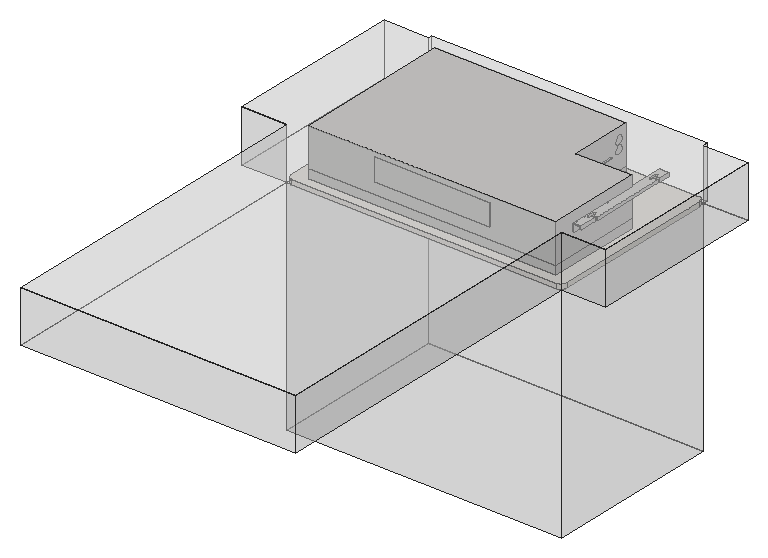
Revit family "outputfile", category 機械設備, Revit 2024
Family settings
  丸型コネクタ寸法 = 半径を使用
  パーツ タイプ = 標準
  OmniClass 番号 = 23.75.10.24.21.27.27
  OmniClass タイトル = Split System Air Conditioning Units
  作業面ベース = いいえ
  常に垂直 = はい
  ロード時にボイドで切り取り = いいえ
  注釈の向きを維持 = いいえ
  共有 = いいえ
  部屋計算ポイント = はい
Parameters (values of type "FXKQ32MAVE4")
  Description = ""
  製造元 = "Daikin"
  書き出し IFC クラス(タイプ) = "IfcUnitaryEquipmentType"
  定義済み IFC タイプ(タイプ) = "AIRCONDITIONINGUNIT"
  Cost = 0
  モデル = "FXKQ32MAVE4"
  Type Comments = ""
  Keynote = ""
  Type Image = (empty or 0)
  Assembly Code = ""
  w_mountinghole = if(Width = 1240.0 mm, 1150.0 mm, 1350.0 mm)  # 1150.0 mm
  w_casing = if(Width = 1240.0 mm, 1110.0 mm, 1310.0 mm)  # 1110.0 mm
  w_block = if(Width = 1240.0 mm, 520.0 mm, 720.0 mm)  # 520.0 mm
  r_OAduct = OA Duct Size Diameter / 2  # 37.5 mm
  r_Liquid Pipe Size = Liquid Pipe Size / 2  # 3.2 mm
  r_Gas Pipe Size = Gas Pipe Size / 2  # 6.35 mm
  r_Drain Pipe Size = Drain Pipe Size / 2  # 12.5 mm
  lw_powersuply = (Width - 130.0 mm) / 2 - 250.0 mm  # 305.0 mm
  lw_gaspipe = 148.0 mm  # constant formula
  lw_drainpipe = 67.0 mm  # constant formula
  lw_liquidpipe = 215.0 mm  # constant formula
  lw_OA = w_casing / 2  # 555.0 mm
  lh_powersuply = 165.0 mm  # constant formula
  lh_liquidpipe = 140.0 mm  # constant formula
  lh_gaspipe = 140.0 mm  # constant formula
  lh_drainpipe = 170.0 mm  # constant formula
  lh_OA = 65.0 mm  # constant formula
  ld_powersuply = 314.0 mm  # constant formula
  ld_liquidpipe = 230.0 mm  # constant formula
  ld_gaspipe = 165.0 mm  # constant formula
  ld_drainpipe = 122.0 mm  # constant formula
  ld_OA = 60.0 mm  # constant formula
  h_mountinghole = 170.0 mm  # constant formula
  h_casing = 215.0 mm  # constant formula
  h_antenna = h_casing - h_mountinghole + 1.0 mm  # 46.0 mm
  d_mountinghole = 350.0 mm  # constant formula
  d_casing = 710.0 mm  # constant formula
  Width = 1240.0 mm
  Voltage_comment_60Hz = "220"
  Voltage_comment_50Hz = "220-240"
  Voltage_60Hz = 220 V
  Voltage_50Hz = 220 V
  Version = "ver.1.0"
  Unit Type = "Single Flow Cassette Type"
  Unit Mass Weight = 31.00 kg
  Unit Designation [instance] = ""
  Uniclass2015Version = "Products v1.30"
  Uniclass2015Title = "Variable refrigerant flow units"
  Uniclass2015Code = "Pr_70_65_03_94"
  URL = ""
  Total Heating Capacity [instance] = 0.000 kW
  Total Cooling Capacity [instance] = 0.000 kW
  Sound Pressure Level_M speed (dBA) = 0
  Sound Pressure Level_L speed (dBA) = 34
  Sound Pressure Level_H speed (dBA) = 39
  Series = "VRV Fan Coil Unit"
  Sensible Cooling Capacity [instance] = 0.000 kW
  Refrigerant Type = "R410A"
  Power Input (Heating) = 0.046 kW
  Power Input (Cooling) = 0.066 kW
  Phase_60Hz = 1
  Phase_50Hz = 1
  Option Accessory 3 [instance] = ""
  Option Accessory 2 [instance] = ""
  Option Accessory 1 [instance] = ""
  OA Duct Size Diameter = 75.0 mm
  Nominal Heating Capacity = 4.000 kW
  Nominal Cooling Capacity = 3.600 kW
  Minimum Circuit Amps_60Hz = 0.4 A
  Minimum Circuit Amps_50Hz = 0.3 A
  Minimum Airflow = 540.00 m³/h
  Median Airflow = 0.00 m³/h
  Maximum Fuse Amps_60Hz = 15.0 A
  Maximum Fuse Amps_50Hz = 15.0 A
  Maximum Airflow = 660.00 m³/h
  Material_Casing = DAIKIN_GalvanizedSteel_Casing_indoorunit
  Load Classification = HVAC
  Liquid Pipe Size = 6.4 mm
  Link_Nested Family [instance] = ""
  IfcVersion = "0"
  IfcExportType = "AIRCONDITIONINGUNIT"
  IfcExportAs = "IfcUnitaryEquipmentType"
  Height = 235.0 mm
  Heating Entering Wet Bulb Temperature [instance] = 0.00 °C
  Heating Entering Dry Bulb Temperature [instance] = 0.00 °C
  Heating Ambient Wet Bulb Temperature [instance] = 0.00 °C
  Heating Ambient Dry Bulb Temperature [instance] = 0.00 °C
  Heat Exchanger Type = "Cross Fin Coil"
  Gas Pipe Size = 12.7 mm
  Frequency_60Hz = 60 Hz
  Frequency_50Hz = 50 Hz
  Fan Type = "Sirocco Fan"
  Fan Drive = "Direct Drive"
  FCU Tag No. [instance] = ""
  Drain Pipe Size = 25.0 mm
  Design Supply Airflow [instance] = 0.00 m³/h
  Design Outdoor Airflow [instance] = 0.00 m³/h
  Depth = 800.0 mm
  既定の高さ = 0.0 mm
  Cooling Entering Wet Bulb Temperature [instance] = 0.00 °C
  Cooling Entering Dry Bulb Temperature [instance] = 0.00 °C
  Cooling Ambient Wet Bulb Temperature [instance] = 0.00 °C
  Cooling Ambient Dry Bulb Temperature [instance] = 0.00 °C
  Clearance visibility [instance] = yes
  Clearance Top = 0.0 mm
  Clearance Right = 200.0 mm
  Clearance Rear = 20.0 mm
  Clearance Left = 200.0 mm
  Clearance Front = 1500.0 mm
  Clearance Bottom = 1000.0 mm
Reference planes
  plane 1 "Center (Front/Back)": y = 0
  plane 2 "ceiling plane": z = 0
  plane 3 "Center (Left/Right)": x = 0
  plane 4 "Back": y = 400
  plane 5 "Front": y = -400
  plane 6 "Left": x = -620
  plane 7 "Right": x = 620
  plane 8 "Top": z = 215
  plane 9 "Bottom": z = -20
  plane 10: x = -555
  plane 11: x = 555
  plane 12: y = 355
  plane 13: y = -355
  plane 14: x = 305
  plane 15: y = 75
  plane 16: y = 175
  plane 17: y = -175
  plane 18: x = -575
  plane 19: x = 575
  plane 20: z = 140
  plane 21: x = 340
  plane 22: y = 230
  plane 23: z = 140
  plane 24: x = 407
  plane 25: y = 165
  plane 26: z = 170
  plane 27: x = 488
  plane 28: y = 122
  plane 29: z = 140
  plane 30: x = -260
  plane 31: x = 260
  plane 32: y = 314
  plane 33: z = 165
  plane 34: x = 340
  plane 35: x = 407
  plane 36: x = 488
  plane 37 "Clearance Rear": y = 420
  plane 38 "Clearance Front": y = -1900
  plane 39 "Clearance Left": x = -820
  plane 40 "Clearance Right": x = 820
  plane 41 "Clearance Top": z = 215
  plane 42 "Clearance Bottom": z = -1020
  plane 43: y = 314
  plane 44: y = 295
  plane 45: z = 150
  plane 46: y = -298
  plane 47: x = -526.5
Forms (mm)
  Extrusion 1, solid, material "DAIKIN_GalvanizedSteel_Casing_indoorunit" <- "Material_Casing"
    sketch origin (0, 0, 0) x (1, 0, 0) y (0, 1, 0)
      loop
        line (-555, 355) -> (-555, -355) -> (555, -355) -> (555, 75) -> (305, 75) -> (305, 355) -> (-555, 355)
    from 38 to 215
  Extrusion 2, solid
    sketch origin (0, 0, 0) x (1, 0, 0) y (0, 0, 1)
      loop
        circle (340, 140) r 3.2
    from 0 to -230
  Extrusion 3, solid
    sketch origin (0, 0, 0) x (1, 0, 0) y (0, 0, 1)
      loop
        circle (407, 140) r 6.35
    from 0 to -165
  Extrusion 4, solid
    sketch origin (0, 0, 0) x (1, 0, 0) y (0, 0, 1)
      loop
        circle (488, 170) r 12.5
    from 0 to -122
  Extrusion 5, solid, material "DAIKIN_GalvanizedSteel_Casing_indoorunit" <- "Material_Casing"
    sketch origin (-1374.64, -355, 1200) x (-1, 0, 0) y (0, 0, 1)
      loop
        line (-1114.64, -1010) -> (-1634.64, -1010) -> (-1634.64, -1110) -> (-1114.64, -1110) -> (-1114.64, -1010)
    from 0 to 5
  Extrusion 6, solid, material "DAIKIN_GalvanizedSteel_Casing_indoorunit" <- "Material_Casing"
    sketch origin (305, 75, 0) x (0, 1, 0) y (0, 0, 1)
      loop
        arc (74.992, 72.003) -> (85, 70) -> (95.008, 72.003) r 26
        line (95.008, 72.003) -> (117.626, 81.437)
        arc (117.626, 81.437) -> (127, 96) -> (117.626, 110.563) r 16
        line (117.626, 110.563) -> (95.008, 119.997)
        arc (95.008, 119.997) -> (85, 122) -> (74.992, 119.997) r 26
        line (74.992, 119.997) -> (52.374, 110.563)
        arc (52.374, 110.563) -> (43, 96) -> (52.374, 81.437) r 16
        line (52.374, 81.437) -> (74.992, 72.003)
      loop
        circle (85, 96) r 20
    from 0 to 5
  Extrusion 7, solid, material "DAIKIN_GalvanizedSteel_Casing_indoorunit" <- "Material_Casing"
    sketch origin (305, 75, 0) x (0, 1, 0) y (0, 0, 1)
      loop
        circle (85, 96) r 7
    from 0 to 18
  Extrusion 8, solid, material "DAIKIN_GalvanizedSteel_Casing_indoorunit" <- "Material_Casing"
    sketch origin (-555, 1296.25, 1200) x (0, 1, 0) y (0, 0, 1)
      loop
        circle (-1001.25, -1050) r 37.5
    from 0 to 5
  Extrusion 9, solid, material "DAIKIN_GalvanizedSteel_Casing_indoorunit" <- "Material_Casing"
    sketch origin (305, 75, 0) x (0, 1, 0) y (0, 0, 1)
      loop
        circle (239, 165) r 17
      loop
        circle (239, 125.153) r 17
    from 0 to -5
  Extrusion 10, solid, material "DAIKIN_GalvanizedSteel_Casing_indoorunit" <- "Material_Casing"
    sketch origin (-1374.64, 355, 1200) x (-1, 0, 0) y (0, 0, 1)
      loop
        circle (-850.64, -1087) r 20
    from 0 to -5
Dimensions and locks
  "Width": plane 6 "Left" to plane 7 "Right"
  "Depth": plane 4 "Back" to plane 5 "Front"
  "Height": plane 8 "Top" to plane 9 "Bottom"
  equal spacing: plane 12, plane 1 "Center (Front/Back)", plane 13
  "d_casing": plane 12 to plane 13
  locked: plane 6 "Left" to plane 10 at 65
  plane 11 to plane 7 "Right" = 65.0 mm
  equal spacing: plane 6 "Left", plane 3 "Center (Left/Right)", plane 7 "Right"
  "w_casing": plane 10 to plane 11
  locked: plane 14 to plane 11 at 250
  locked: plane 12 to plane 15 at 280
  "h_casing": plane 8 "Top" to level
  equal spacing: plane 16, plane 1 "Center (Front/Back)", plane 17
  "d_mountinghole": plane 16 to plane 17
  equal spacing: plane 18, plane 3 "Center (Left/Right)", plane 19
  "w_mountinghole": plane 18 to plane 19
  "lw_liquidpipe": plane 11 to plane 21
  "lh_liquidpipe": plane 20 to level
  "ld_liquidpipe": plane 1 "Center (Front/Back)" to plane 22
  "lh_gaspipe": plane 23 to level
  "lw_gaspipe": plane 11 to plane 24
  "ld_gaspipe": plane 1 "Center (Front/Back)" to plane 25
  "lh_drainpipe": plane 26 to level
  "lw_drainpipe": plane 11 to plane 27
  "ld_drainpipe": plane 1 "Center (Front/Back)" to plane 28
  locked: plane 29 to level at 140
  Extrusion 5 sketch curve to plane 29 to Extrusion 5 sketch curve = 50.0 mm locked, 50.0 mm locked
  equal spacing: plane 31, plane 3 "Center (Left/Right)", plane 30
  "w_block": plane 31 to plane 30
  locked: plane 1 "Center (Front/Back)" to Extrusion 6 sketch curve at 160
  locked: Extrusion 6 sketch curve to level at 96
  plane 1 "Center (Front/Back)" to Extrusion 7 sketch curve = 160.0 mm
  Extrusion 7 sketch curve to level = 96.0 mm
  locked: plane 12 to Extrusion 8 sketch curve at 60
  locked: plane 8 "Top" to Extrusion 8 sketch curve at 65
  locked: Extrusion 10 sketch curve to plane 10 at 31
  locked: plane 8 "Top" to Extrusion 10 sketch curve at 102
  "lh_powersuply": plane 33 to level
  "lw_drainpipe": plane 36 to plane 11
  "lw_gaspipe": plane 35 to plane 11
  "lw_liquidpipe": plane 34 to plane 11
  "lw_powersuply": plane 3 "Center (Left/Right)" to Extrusion 1
  "Clearance Left": plane 39 "Clearance Left" to plane 6 "Left"
  "Clearance Right": plane 7 "Right" to plane 40 "Clearance Right"
  "Clearance Front": plane 5 "Front" to plane 38 "Clearance Front"
  "Clearance Rear": plane 37 "Clearance Rear" to plane 4 "Back"
  "Clearance Top": plane 41 "Clearance Top" to plane 8 "Top"
  "Clearance Bottom": plane 9 "Bottom" to plane 42 "Clearance Bottom"
  "ld_powersuply": plane 43 to plane 1 "Center (Front/Back)"
  "ld_powersuply": plane 1 "Center (Front/Back)" to Extrusion 9 sketch curve
  "ld_OA": plane 12 to plane 44
  "lh_OA": plane 41 "Clearance Top" to plane 45
  locked: plane 46 to plane 13 at 57
  locked: plane 6 "Left" to plane 47 at 93.5
  "r_Liquid Pipe Size": radius of Extrusion 2 sketch curve
  "r_Gas Pipe Size": radius of Extrusion 3 sketch curve
  "r_Drain Pipe Size": radius of Extrusion 4 sketch curve
  aligned and locked: level to plane 2 "ceiling plane"
  aligned and locked: plane 6 "Left" to nested 1
  aligned and locked: plane 7 "Right" to nested 1
  aligned and locked: plane 4 "Back" to nested 1
  aligned and locked: plane 5 "Front" to nested 1
  aligned and locked: plane 9 "Bottom" to nested 1
  aligned and locked: Extrusion 1 sketch curve to plane 10
  aligned and locked: plane 12 to Extrusion 1 sketch curve
  aligned and locked: Extrusion 1 sketch curve to plane 13
  aligned and locked: plane 11 to Extrusion 1 sketch curve
  aligned and locked: Extrusion 1 sketch curve to plane 15
  aligned and locked: plane 14 to Extrusion 1 sketch curve
  aligned and locked: Extrusion 1 to nested 1
  aligned and locked: plane 8 "Top" to Extrusion 1
  aligned and locked: plane 11 to nested 2
  aligned and locked: plane 10 to nested 3
  aligned and locked: nested 7 to plane 16
  aligned and locked: plane 19 to nested 7
  aligned and locked: nested 6 to plane 17
  aligned and locked: plane 19 to nested 6
  aligned and locked: nested 4 to plane 16
  aligned and locked: plane 18 to nested 4
  aligned and locked: nested 5 to plane 17
  aligned and locked: plane 18 to nested 5
  aligned and locked: plane 20 to Extrusion 2 sketch curve
  aligned and locked: plane 21 to Extrusion 2 sketch curve
  aligned and locked: plane 22 to Extrusion 2
  aligned and locked: plane 23 to Extrusion 3 sketch curve
  aligned and locked: plane 24 to Extrusion 3 sketch curve
  aligned and locked: plane 25 to Extrusion 3
  aligned and locked: plane 26 to Extrusion 4 sketch curve
  aligned and locked: plane 27 to Extrusion 4 sketch curve
  aligned and locked: plane 28 to Extrusion 4
  aligned and locked: plane 30 to Extrusion 5 sketch curve
  aligned and locked: Extrusion 5 sketch curve to plane 31
  aligned and locked: plane 32 to Extrusion 9 sketch curve
  aligned and locked: plane 33 to Extrusion 9 sketch curve
  aligned and locked: nested 8 to plane 34
  aligned and locked: plane 22 to nested 8
  aligned and locked: nested 9 to plane 35
  aligned and locked: plane 25 to nested 9
  aligned and locked: nested 10 to plane 36
  aligned and locked: plane 28 to nested 10
  aligned and locked: Extrusion 1 to nested 11
  aligned and locked: plane 43 to nested 11
  aligned and locked: nested 12 to plane 44
  aligned and locked: nested 12 to plane 10
  aligned and locked: nested 12 to plane 45
  aligned and locked: plane 1 "Center (Front/Back)" to nested 14
  aligned and locked: nested 14 to plane 3 "Center (Left/Right)"
  aligned and locked: plane 41 "Clearance Top" to nested 14
  aligned and locked: nested 13 to plane 46
  aligned and locked: plane 47 to nested 13
Automatic sketch dimensions
  Extrusion 6 sketch curve to Extrusion 6 sketch curve = 0.0 mm  (x4)
  Extrusion 1 to Extrusion 6 sketch curve = 34.003 mm  (x2)
  Extrusion 6 sketch curve to Extrusion 6 sketch curve = 10.008 mm  (x2)
  Extrusion 6 sketch curve to Extrusion 6 sketch curve = 26.0 mm  (x2)
  Extrusion 6 sketch curve to Extrusion 6 sketch curve = 6.626 mm  (x4)
  Extrusion 6 sketch curve to Extrusion 6 sketch curve = 20.016 mm
  Extrusion 1 to Extrusion 6 sketch curve = 43.437 mm
  Extrusion 6 sketch curve to Extrusion 6 sketch curve = 9.433 mm  (x2)
  Extrusion 6 sketch curve to Extrusion 6 sketch curve = 14.563 mm  (x2)
  Extrusion 9 sketch curve to Extrusion 9 sketch curve = 39.847 mm
  radius of Extrusion 6 sketch curve = 20.0 mm
  radius of Extrusion 7 sketch curve = 7.0 mm
  radius of Extrusion 8 sketch curve = 37.5 mm
  radius of Extrusion 10 sketch curve = 20.0 mm
  radius of Extrusion 9 sketch curve = 17.0 mm  (x2)
Nested families
  nested 1: "daikin_round flow_panel" at (0, 0, 0), type "fresh white"
  nested 2: "daikin_hangerfixture_FXKQ-MAVE4" at (555, -12.527, 170) x (0, 1, 0) z (0, 0, 1), built-in parameter 1001364 <- "h_mountinghole", type "daikin_hangerfixture_FXKQ-MAVE4"
  nested 3: "daikin_hangerfixture_FXKQ-MAVE4" at (-555, -12.527, 170) x (0, 1, 0) z (0, 0, 1), built-in parameter 1001364 <- "h_mountinghole", type "daikin_hangerfixture_FXKQ-MAVE4"
  nested 4: "daikin_mountinghole" at (-575, 175, 0), l_antenna <- "h_antenna", Link_Nested Family <- "Link_Nested Family", h_mountinghole <- "h_mountinghole", type "daikin_mountinghole"
    with show yes, l_antenna 46.0 mm, h_mountinghole 170.0 mm, Link_Nested Family ""
  nested 5: "daikin_mountinghole" at (-575, -175, 0), l_antenna <- "h_antenna", Link_Nested Family <- "Link_Nested Family", h_mountinghole <- "h_mountinghole", type "daikin_mountinghole"
    with show yes, l_antenna 46.0 mm, h_mountinghole 170.0 mm, Link_Nested Family ""
  nested 6: "daikin_mountinghole" at (575, -175, 0), l_antenna <- "h_antenna", Link_Nested Family <- "Link_Nested Family", h_mountinghole <- "h_mountinghole", type "daikin_mountinghole"
    with show yes, l_antenna 46.0 mm, h_mountinghole 170.0 mm, Link_Nested Family ""
  nested 7: "daikin_mountinghole" at (575, 175, 0), l_antenna <- "h_antenna", Link_Nested Family <- "Link_Nested Family", h_mountinghole <- "h_mountinghole", type "daikin_mountinghole"
    with show yes, l_antenna 46.0 mm, h_mountinghole 170.0 mm, Link_Nested Family ""
  nested 8: "daikin_connector_rotate2" at (340, 0, 140) x (-1, 0, 0) z (0, 0, 1), built-in parameter 1001364 <- "lh_liquidpipe", radius <- "r_Liquid Pipe Size", length <- "ld_liquidpipe", type "daikin_connector_rotate2"
    with radius 3.2 mm, length 230.0 mm, angle_vertical 90.00°, show_face no
  nested 9: "daikin_connector_rotate2" at (407, 0, 140) x (-1, 0, 0) z (0, 0, 1), built-in parameter 1001364 <- "lh_gaspipe", radius <- "r_Gas Pipe Size", length <- "ld_gaspipe", type "daikin_connector_rotate2"
    with radius 6.35 mm, length 165.0 mm, angle_vertical 90.00°, show_face no
  nested 10: "daikin_connector_rotate2" at (488, 0, 170) x (-1, 0, 0) z (0, 0, 1), built-in parameter 1001364 <- "lh_drainpipe", radius <- "r_Drain Pipe Size", length <- "ld_drainpipe", type "daikin_connector_rotate2"
    with radius 12.5 mm, length 122.0 mm, angle_vertical 90.00°, show_face no
  nested 11: "daikin_connector_rotate2" at (0, 314, 165) x (0, 1, 0) z (0, 0, 1), length <- "lw_powersuply", built-in parameter 1001364 <- "lh_powersuply", type "daikin_connector_rotate2"
    with radius 10.0 mm, length 305.0 mm, angle_vertical 90.00°, show_face no
  nested 12: "daikin_connector_rotate2" at (0, 295, 150) x (0, -1, 0) z (0, 0, 1), radius <- "r_OAduct", length <- "lw_OA", type "daikin_connector_rotate2"
    with radius 37.5 mm, length 555.0 mm, angle_vertical 90.00°, show_face no
  nested 13: "daikin_logo_plane_w40" at (-526.5, -298, -22), type "daikin_logo_plane_w40"
    with show_logo yes
  nested 14: "daikin_clearancespace_cassette" at (0, 0, 97.5), depth_outline <- "Depth", height_outline <- "Height", width_outline <- "Width", depth_front <- "Clearance Front", depth_rear <- "Clearance Rear", height_bottom <- "Clearance Bottom", height_top <- "Clearance Top", width_left <- "Clearance Left", width_right <- "Clearance Right", show <- "Clearance visibility", visible <- "Clearance visibility", Link_Nested Family <- "Link_Nested Family", type "daikin_clearancespace_cassette"
    with width_right 200.0 mm, width_outline 1240.0 mm, width_left 200.0 mm, width 1823.963 mm, show yes, height_top 0.0 mm, height_outline 235.0 mm, height_bottom 1000.0 mm, height 1359.762 mm, depth_rear 20.0 mm, depth_outline 800.0 mm, depth_front 1500.0 mm, depth 880.0 mm, Link_Nested Family ""
Connectors
  electrical at (305, 314, 165), driven by "Load Classification"
    settings: on nested 11, index 1, voltage 0 V, apparent load 0 VA, apparent load phase1 0 VA, apparent load phase2 0 VA, apparent load phase3 0 VA, power factor 1, load classification "HVAC", number of poles 1, system type 30, power factor state 1, is connector primary yes, connector utility no, sub classification motor no, connector description "Power Supply"
  piping at (340, 230, 140), diameter 6.4, driven by "r_Liquid Pipe Size"
    settings: on nested 8, index 2, connector inside diameter 609.6 mm, connector length 0.0 mm, flow factor 0, pipe flow 0.00 m³/h, pressure drop 0.0 Pa, fitting loss kfactor 0, connector angle 0.00°, fixture units 0, engagement length 0.0 mm, angle of deflection 0.00°, flow configuration 1, flow direction 1, fitting loss method 0, system type 29, joint type 0, gender type 0, connector reference index -1, connector utility 0, adjustable connector no, is connector primary yes, connector description "Refrigerant Liquid Piping"
  piping at (407, 165, 140), diameter 12.7, driven by "r_Gas Pipe Size"
    settings: on nested 9, index 3, connector inside diameter 609.6 mm, connector length 0.0 mm, flow factor 0, pipe flow 0.00 m³/h, pressure drop 0.0 Pa, fitting loss kfactor 0, connector angle 0.00°, fixture units 0, engagement length 0.0 mm, angle of deflection 0.00°, flow configuration 1, flow direction 2, fitting loss method 0, system type 29, joint type 0, gender type 0, connector reference index -1, connector utility 0, adjustable connector no, is connector primary no, connector description "Refrigerant Gas Piping"
  piping at (488, 122, 170), diameter 25, driven by "r_Drain Pipe Size"
    settings: on nested 10, index 4, connector inside diameter 609.6 mm, connector length 0.0 mm, flow factor 0, pipe flow 0.00 m³/h, pressure drop 0.0 Pa, fitting loss kfactor 0, connector angle 0.00°, fixture units 0, engagement length 0.0 mm, angle of deflection 0.00°, flow configuration 1, flow direction 2, fitting loss method 4, system type 16, joint type 0, gender type 0, connector reference index -1, connector utility 0, adjustable connector no, is connector primary no, connector description "Condensate Drain Piping"
  hvac at (-555, 295, 150), driven by "r_OAduct"
    settings: on nested 12, index 5, duct flow 0.00 m³/h, flow factor 0, pres drop 0.00 Pa, loss coef 0, conn angle 0.00°, conn width 304.8 mm, conn height 304.8 mm, conn diameter 75.0 mm, duct sys type 1, conn prof type 0, flow config 0, flow direction 1, loss method 4, conn ref index -1, conn util no, is conn primary yes, conn desc "OA Duct"
Definition of nested family "daikin_round flow_panel"
  Parameters (values of type "fresh white")
    width = if(W = 1240.0 mm, 1240.0 mm, 1440.0 mm)  # 1240.0 mm
    w_casing = width - 130.0 mm  # 1110.0 mm
    material_panel = none
    material_casing = none
    height = 58.0 mm  # constant formula
    depth = 800.0 mm  # constant formula
    d_casing = 710.0 mm  # constant formula
    W = 1240.0 mm
    Default Elevation = 0.0 mm
  Reference planes
    plane 1 "Center (Front/Back)": y = 0
    plane 2: z = 0
    plane 3 "Center (Left/Right)": x = 0
    plane 4: y = 400
    plane 5: y = -400
    plane 6: x = -620
    plane 7: x = 620
    plane 8 "Bottom": z = -20
    plane 9: y = 355
    plane 10: y = -355
    plane 11: x = -555
    plane 12: x = 555
    plane 13: z = 38
    plane 14: x = -563
    plane 15: x = 563
    plane 16: y = 341
    plane 17: y = -350
    plane 18: y = 71
    plane 19: y = -228
    plane 20: x = -490
    plane 21: x = 490
    plane 22: x = 305
    plane 23: y = 75
  Forms (mm)
    Extrusion 1, solid, material <- "material_casing"
      sketch origin (0, 0, 0) x (1, 0, 0) y (0, 1, 0)
        loop
          line (-555, 355) -> (-555, -355) -> (555, -355) -> (555, 355) -> (-555, 355)
      from 0 to 38
    Extrusion 2, solid, material <- "material_panel"
      sketch origin (0, 0, 0) x (1, 0, 0) y (0, 1, 0)
        loop
          arc (-595, 400) -> (-612.678, 392.678) -> (-620, 375) r 25
          line (-620, 375) -> (-620, -375)
          arc (-620, -375) -> (-612.678, -392.678) -> (-595, -400) r 25
          line (-595, -400) -> (595, -400)
          arc (595, -400) -> (612.678, -392.678) -> (620, -375) r 25
          line (620, -375) -> (620, 375)
          arc (620, 375) -> (612.678, 392.678) -> (595, 400) r 25
          line (595, 400) -> (-595, 400)
      from 0 to -20
    Extrusion 3, void
      sketch origin (0, 0, 0) x (1, 0, 0) y (0, 1, 0)
        loop
          line (-563, 400) -> (-563, -400) -> (563, -400) -> (563, 400) -> (-563, 400)
      from -10 to -20
    Extrusion 4, solid, material <- "material_panel"
      sketch origin (0, 0, 0) x (1, 0, 0) y (0, 1, 0)
        loop
          line (-563, 400) -> (-563, 341) -> (563, 341) -> (563, 400) -> (-563, 400)
        loop
          line (-563, -350) -> (-563, -400) -> (563, -400) -> (563, -350) -> (-563, -350)
      from -20 to -10
    Extrusion 5, solid, material <- "material_panel"
      sketch origin (0, 0, 0) x (1, 0, 0) y (0, 1, 0)
        loop
          line (-563, 341) -> (-563, 71) -> (563, 71) -> (563, 341) -> (-563, 341)
      from -20 to -10
    Extrusion 6, solid, material <- "material_panel"
      sketch origin (0, 0, 0) x (1, 0, 0) y (0, 1, 0)
        loop
          line (-563, 71) -> (-563, -228) -> (563, -228) -> (563, 71) -> (-563, 71)
      from -20 to -10
    Extrusion 7, solid, material <- "material_panel"
      sketch origin (0, 0, 0) x (1, 0, 0) y (0, 1, 0)
        loop
          line (-563, -228) -> (-563, -350) -> (-490, -350) -> (-490, -228) -> (-563, -228)
        loop
          line (490, -228) -> (490, -350) -> (563, -350) -> (563, -228) -> (490, -228)
      from -20 to -10
    Extrusion 8, solid, material <- "material_panel"
      sketch origin (0, 0, 0) x (1, 0, 0) y (0, 1, 0)
        loop
          line (-490, -228) -> (-490, -350) -> (-472, -350) -> (-472, -228) -> (-490, -228)
        loop
          line (472, -228) -> (472, -350) -> (490, -350) -> (490, -228) -> (472, -228)
      from -20 to -10
    Extrusion 9, solid, material <- "material_panel"
      sketch origin (0, 0, 0) x (1, 0, 0) y (0, 1, 0)
        loop
          line (-472, -228) -> (-472, -350) -> (472, -350) -> (472, -228) -> (-472, -228)
      from -20 to -10
    Extrusion 10, void
      sketch origin (0, 0, 0) x (1, 0, 0) y (0, 1, 0)
        loop
          line (305, 355) -> (305, 75) -> (555, 75) -> (555, 355) -> (305, 355)
      from 38 to 0
  Cuts and joins
    Extrusion 3, Extrusion 10 cuts Extrusion 1
    Extrusion 3, Extrusion 10 cuts Extrusion 2
    Extrusion 10 cuts Extrusion 4
    joined: Extrusion 2, Extrusion 4
  Dimensions and locks
    "width": plane 6 to plane 7
    "depth": plane 4 to plane 5
    equal spacing: plane 6, plane 3 "Center (Left/Right)", plane 7
    equal spacing: plane 4, plane 1 "Center (Front/Back)", plane 5
    equal spacing: plane 9, plane 1 "Center (Front/Back)", plane 10
    "d_casing": plane 9 to plane 10
    equal spacing: plane 11, plane 3 "Center (Left/Right)", plane 12
    "w_casing": plane 11 to plane 12
    locked: level to plane 8 "Bottom" at 20
    locked: plane 6 to plane 14 at 57
    locked: plane 15 to plane 7 at 57
    "height": plane 13 to plane 8 "Bottom"
    locked: plane 4 to plane 16 at 59
    locked: plane 17 to plane 5 at 50
    locked: cut or joined group of Extrusion 2, Extrusion 3, Extrusion 4, Extrusion 10 to plane 18 at 270
    locked: plane 19 to Extrusion 5 at 299
    locked: plane 14 to plane 20 at 73
    locked: plane 21 to plane 15 at 73
    locked: plane 9 to plane 23 at 280
    locked: plane 22 to plane 12 at 250
    plane 6 to Extrusion 8 sketch curve to Extrusion 8 sketch curve = 130.0 mm locked, 18.0 mm locked
    Extrusion 8 sketch curve to Extrusion 8 sketch curve to plane 7 = 18.0 mm locked, 130.0 mm locked
    radius of Extrusion 2 sketch curve = 25.0 mm  (x4)
    aligned and locked: level to plane 2
    aligned and locked: plane 11 to Extrusion 1 sketch curve
    aligned and locked: Extrusion 1 sketch curve to plane 12
    aligned and locked: Extrusion 1 sketch curve to plane 9
    aligned and locked: plane 10 to Extrusion 1 sketch curve
    aligned and locked: Extrusion 1 to level
    aligned and locked: plane 13 to Extrusion 1
    aligned and locked: Extrusion 2 sketch curve to plane 4
    aligned and locked: plane 6 to Extrusion 2 sketch curve
    aligned and locked: plane 5 to Extrusion 2 sketch curve
    aligned and locked: Extrusion 2 sketch curve to plane 7
    aligned and locked: Extrusion 2 to plane 8 "Bottom"
    aligned and locked: level to Extrusion 2
    aligned and locked: plane 14 to Extrusion 3 sketch curve
    aligned and locked: Extrusion 3 sketch curve to plane 15
    aligned and locked: Extrusion 3 sketch curve to plane 4
    aligned and locked: plane 5 to Extrusion 3 sketch curve
    aligned and locked: plane 8 "Bottom" to Extrusion 3
    aligned and locked: plane 16 to Extrusion 4 sketch curve
    aligned and locked: Extrusion 4 sketch curve to plane 4
    aligned and locked: plane 14 to Extrusion 4 sketch curve  (x2)
    aligned and locked: Extrusion 4 sketch curve to plane 15  (x2)
    aligned and locked: Extrusion 4 sketch curve to plane 17
    aligned and locked: plane 5 to Extrusion 4 sketch curve
    aligned and locked: Extrusion 4 to cut or joined group of Extrusion 2, Extrusion 3, Extrusion 4, Extrusion 10
    aligned and locked: Extrusion 4 to plane 8 "Bottom"
    aligned and locked: Extrusion 5 sketch curve to cut or joined group of Extrusion 2, Extrusion 3, Extrusion 4, Extrusion 10  (x2)
    aligned and locked: Extrusion 5 sketch curve to plane 18
    aligned and locked: Extrusion 5 sketch curve to plane 15
    aligned and locked: Extrusion 5 to cut or joined group of Extrusion 2, Extrusion 3, Extrusion 4, Extrusion 10
    aligned and locked: Extrusion 5 to plane 8 "Bottom"
    aligned and locked: Extrusion 5 to Extrusion 6 sketch curve
    aligned and locked: Extrusion 6 sketch curve to plane 19
    aligned and locked: plane 14 to Extrusion 6 sketch curve
    aligned and locked: Extrusion 6 sketch curve to plane 15
    aligned and locked: Extrusion 6 to cut or joined group of Extrusion 2, Extrusion 3, Extrusion 4, Extrusion 10
    aligned and locked: Extrusion 6 to plane 8 "Bottom"
    aligned and locked: Extrusion 6 to Extrusion 7 sketch curve  (x2)
    aligned and locked: cut or joined group of Extrusion 2, Extrusion 3, Extrusion 4, Extrusion 10 to Extrusion 7 sketch curve  (x2)
    aligned and locked: plane 21 to Extrusion 7 sketch curve
    aligned and locked: Extrusion 7 sketch curve to plane 15
    aligned and locked: Extrusion 7 sketch curve to plane 20
    aligned and locked: plane 14 to Extrusion 7 sketch curve
    aligned and locked: Extrusion 7 to cut or joined group of Extrusion 2, Extrusion 3, Extrusion 4, Extrusion 10
    aligned and locked: Extrusion 7 to plane 8 "Bottom"
    aligned and locked: cut or joined group of Extrusion 2, Extrusion 3, Extrusion 4, Extrusion 10 to Extrusion 8
    aligned and locked: Extrusion 8 to plane 8 "Bottom"
    aligned and locked: Extrusion 6 to Extrusion 9 sketch curve
    aligned and locked: cut or joined group of Extrusion 2, Extrusion 3, Extrusion 4, Extrusion 10 to Extrusion 9 sketch curve
    aligned and locked: cut or joined group of Extrusion 2, Extrusion 3, Extrusion 4, Extrusion 10 to Extrusion 9
    aligned and locked: Extrusion 9 to plane 8 "Bottom"
    aligned and locked: Extrusion 10 sketch curve to plane 9
    aligned and locked: Extrusion 10 sketch curve to plane 23
    aligned and locked: plane 22 to Extrusion 10 sketch curve
    aligned and locked: Extrusion 10 sketch curve to plane 12
    aligned and locked: Extrusion 10 to plane 13
    aligned and locked: Extrusion 10 to level
  Automatic sketch dimensions
    plane 11 to Extrusion 9 sketch curve = 83.0 mm
    Extrusion 9 sketch curve to plane 12 = 83.0 mm
    plane 10 to Extrusion 8 sketch curve = 5.0 mm  (x2)
    Extrusion 8 sketch curve to Extrusion 8 sketch curve = 122.0 mm  (x2)
Definition of nested family "daikin_hangerfixture_FXKQ-MAVE4"
  Parameters (values of type "daikin_hangerfixture_FXKQ-MAVE4")
    width = 495.0 mm
    material = none
    height = 40.0 mm
    depth = 40.0 mm
    Default Elevation = 0.0 mm
  Reference planes
    plane 1 "Center (Front/Back)": y = 0
    plane 2: z = 0
    plane 3 "Center (Left/Right)": x = 0
    plane 4: y = 417.146
    plane 5: y = -40
    plane 6: x = -247.5
    plane 7: x = 247.5
    plane 8: z = -4.6
    plane 9: z = -16
    plane 10: y = -2.3
    plane 11: y = -35.4
    plane 12 "CENTER": y = -20
    plane 13: z = -40
  Forms (mm)
    Extrusion 1, solid, material <- "material"
      sketch origin (0, 0, 0) x (1, 0, 0) y (0, 1, 0)
        loop
          line (-247.5, -40) -> (-168.5, -40) -> (-168.5, -29)
          arc (-168.5, -29) -> (-169.379, -26.879) -> (-171.5, -26) r 3
          line (-171.5, -26) -> (-176.5, -26)
          arc (-176.5, -26) -> (-182.5, -20) -> (-176.5, -14) r 6
          line (-176.5, -14) -> (-148.5, -14)
          arc (-148.5, -14) -> (-142.5, -20) -> (-148.5, -26) r 6
          line (-148.5, -26) -> (-153.5, -26)
          arc (-153.5, -26) -> (-155.621, -26.879) -> (-156.5, -29) r 3
          line (-156.5, -29) -> (-156.5, -40) -> (181.5, -40) -> (181.5, -29)
          arc (181.5, -29) -> (180.621, -26.879) -> (178.5, -26) r 3
          line (178.5, -26) -> (173.5, -26)
          arc (173.5, -26) -> (167.5, -20) -> (173.5, -14) r 6
          line (173.5, -14) -> (201.5, -14)
          arc (201.5, -14) -> (207.5, -20) -> (201.5, -26) r 6
          line (201.5, -26) -> (196.5, -26)
          arc (196.5, -26) -> (194.379, -26.879) -> (193.5, -29) r 3
          line (193.5, -29) -> (193.5, -40) -> (247.5, -40) -> (247.5, 0) -> (-247.5, 0) -> (-247.5, -40)
      from 0 to -4.6
    Extrusion 2, solid, material <- "material"
      sketch origin (-1008.844, -40, 1200) x (-1, 0, 0) y (0, 0, 1)
        loop
          line (-761.344, -1200) -> (-840.344, -1200) -> (-840.344, -1210)
          arc (-840.344, -1210) -> (-838.587, -1214.243) -> (-834.344, -1216) r 6
          line (-834.344, -1216) -> (-767.344, -1216)
          arc (-767.344, -1216) -> (-763.102, -1214.243) -> (-761.344, -1210) r 6
          line (-761.344, -1210) -> (-761.344, -1200)
        loop
          line (-852.344, -1200) -> (-1190.344, -1200) -> (-1190.344, -1210)
          arc (-1190.344, -1210) -> (-1188.587, -1214.243) -> (-1184.344, -1216) r 6
          line (-1184.344, -1216) -> (-858.344, -1216)
          arc (-858.344, -1216) -> (-854.102, -1214.243) -> (-852.344, -1210) r 6
          line (-852.344, -1210) -> (-852.344, -1200)
        loop
          line (-1202.344, -1200) -> (-1256.344, -1200) -> (-1256.344, -1210)
          arc (-1256.344, -1210) -> (-1254.587, -1214.243) -> (-1250.344, -1216) r 6
          line (-1250.344, -1216) -> (-1208.344, -1216)
          arc (-1208.344, -1216) -> (-1204.102, -1214.243) -> (-1202.344, -1210) r 6
          line (-1202.344, -1210) -> (-1202.344, -1200)
      from 0 to 4.6
    Extrusion 3, solid, material <- "material"
      sketch origin (0, 0, 0) x (1, 0, 0) y (0, 0, 1)
        loop
          line (-237.5, -40) -> (237.5, -40)
          arc (237.5, -40) -> (244.571, -37.071) -> (247.5, -30) r 10
          line (247.5, -30) -> (247.5, 0) -> (-247.5, 0) -> (-247.5, -30)
          arc (-247.5, -30) -> (-244.571, -37.071) -> (-237.5, -40) r 10
      from 0 to 4.6
  Cuts and joins
    joined: Extrusion 1, Extrusion 2, Extrusion 3
  Dimensions and locks
    "width": plane 6 to plane 7
    "depth": plane 5 to plane 1 "Center (Front/Back)"
    plane 2 to plane 8 = 4.6 mm
    plane 10 to plane 1 "Center (Front/Back)" = 2.3 mm
    plane 11 to plane 5 = 4.6 mm
    equal spacing: plane 5, plane 12 "CENTER", plane 1 "Center (Front/Back)"
    plane 6 to plane 3 "Center (Left/Right)" = 247.5 mm
    plane 3 "Center (Left/Right)" to plane 7 = 247.5 mm
    "height": level to plane 13
    aligned and locked: level to plane 2
    aligned and locked: plane 2 to Extrusion 1
    aligned and locked: Extrusion 1 sketch curve to plane 5
    aligned and locked: Extrusion 1 sketch curve to plane 6
    aligned and locked: Extrusion 3 sketch curve to plane 13
    aligned and locked: Extrusion 3 sketch curve to cut or joined group of Extrusion 1, Extrusion 2, Extrusion 3  (x2)
    aligned and locked: Extrusion 3 sketch curve to plane 6
  Automatic sketch dimensions
    Extrusion 2 sketch curve to plane 9 = 0.0 mm  (x3)
    Extrusion 2 sketch curve to level = 0.0 mm  (x3)
    Extrusion 2 sketch curve to Extrusion 2 sketch curve = 6.0 mm  (x3)
    Extrusion 2 sketch curve to Extrusion 2 sketch curve = 18.0 mm
    plane 9 to Extrusion 2 sketch curve = 6.0 mm  (x2)
    plane 6 to Extrusion 2 sketch curve = 6.0 mm
    Extrusion 2 sketch curve to plane 7 = 0.0 mm
    Extrusion 2 sketch curve to plane 6 = 0.0 mm
    Extrusion 2 sketch curve to Extrusion 2 sketch curve = 42.0 mm
    Extrusion 2 sketch curve to Extrusion 2 sketch curve = 12.0 mm
    Extrusion 2 sketch curve to Extrusion 2 sketch curve = 91.0 mm
    Extrusion 1 sketch curve to plane 12 "CENTER" = 0.0 mm  (x4)
    Extrusion 1 sketch curve to plane 5 = 0.0 mm  (x2)
    Extrusion 1 sketch curve to plane 7 = 0.0 mm
    plane 1 "Center (Front/Back)" to Extrusion 1 sketch curve = 0.0 mm
    Extrusion 1 sketch curve to plane 12 "CENTER" = 6.0 mm  (x2)
    plane 6 to Extrusion 1 sketch curve = 71.0 mm
    Extrusion 1 sketch curve to Extrusion 1 sketch curve = 5.0 mm  (x4)
    Extrusion 1 sketch curve to Extrusion 1 sketch curve = 3.0 mm  (x4)
    Extrusion 1 sketch curve to Extrusion 1 sketch curve = 12.0 mm  (x2)
    Extrusion 1 sketch curve to plane 7 = 74.0 mm
    plane 6 to Extrusion 3 sketch curve = 10.0 mm
    Extrusion 3 sketch curve to plane 7 = 10.0 mm
Definition of nested family "daikin_logo_plane_w40"
  Parameters (values of type "daikin_logo_plane_w40")
    width = 40.0 mm
    show_logo [instance] = yes
    material = none
    height = 0.0 mm
    depth = 0.0 mm
    Default Elevation = 0.0 mm
  Reference planes
    plane 1 "Center (Front/Back)": y = 0
    plane 2: z = 0
    plane 3 "Center (Left/Right)": x = 0
    plane 4: z = 2
    plane 5 "left": x = -19
    plane 6: x = 19
  Forms (mm)
    Extrusion 1, solid, visible <- "show_logo"
      sketch origin (-19, 0, 0) x (1, 0, 0) y (0, 1, 0)
        loop
          line (8.902, -1.878) -> (7.789, -6.332) -> (11.13, -6.332)
          arc (11.13, -6.332) -> (12.454, -6.064) -> (13.472, -5.176) r 2.642
          arc (13.472, -5.176) -> (13.92, -4.02) -> (13.767, -2.79) r 2.537
          arc (13.767, -2.79) -> (13.452, -2.342) -> (12.982, -2.06) r 1.321
          arc (12.982, -2.06) -> (12.063, -1.902) -> (11.13, -1.878) r 6.479
          line (11.13, -1.878) -> (8.902, -1.878)
        loop
          line (10.016, -5.441) -> (10.907, -5.441)
          arc (10.907, -5.441) -> (11.591, -4.983) -> (11.988, -4.261) r 1.742
          spline (11.988, -4.261) -> (12.01, -4.155) -> (12.027, -4.03) -> (12.037, -3.893) -> (12.037, -3.747) -> (12.026, -3.598) -> (12.002, -3.451) -> (11.962, -3.31) -> (11.905, -3.181) -> (11.829, -3.069) -> (11.731, -2.978) -> (11.61, -2.913) -> (11.464, -2.88)
          line (11.464, -2.88) -> (10.573, -2.88) -> (10.016, -5.441)
        loop
          line (13.58, -6.332) -> (14.805, -6.332) -> (15.223, -5.553) -> (16.977, -5.553) -> (17.144, -6.332) -> (19.149, -6.332) -> (18.258, -1.878) -> (16.03, -1.878) -> (13.58, -6.332)
        loop
          line (16.476, -3.214) -> (15.76, -4.551) -> (16.762, -4.551) -> (16.476, -3.214)
        loop
          line (19.705, -6.332) -> (21.599, -6.332) -> (22.712, -1.878) -> (20.819, -1.878) -> (19.705, -6.332)
        loop
          line (22.712, -6.332) -> (24.606, -6.332) -> (24.908, -5.122) -> (25.831, -6.332) -> (28.17, -6.332) -> (26.388, -3.994) -> (28.949, -1.878) -> (26.945, -1.878) -> (25.401, -3.153) -> (25.719, -1.878) -> (23.826, -1.878) -> (22.712, -6.332)
        loop
          line (29.84, -1.878) -> (28.615, -6.332) -> (30.62, -6.332) -> (31.734, -1.878) -> (29.84, -1.878)
        loop
          line (31.734, -6.332) -> (33.07, -6.332) -> (33.7, -3.814) -> (34.518, -6.332) -> (36.745, -6.332) -> (37.859, -1.878) -> (36.523, -1.878) -> (35.845, -4.589) -> (34.963, -1.878) -> (32.847, -1.878) -> (31.734, -6.332)
      from 0 to 2
    Extrusion 2, solid, visible <- "show_logo"
      sketch origin (-19, 0, 0) x (1, 0, 0) y (0, 1, 0)
        loop
          line (8.7, 0) -> (4.235, 0) -> (0, -3.879) -> (0, -8) -> (8.7, 0)
      from 0 to 2
    Extrusion 3, solid, visible <- "show_logo"
      sketch origin (-19, 0, 0) x (1, 0, 0) y (0, 1, 0)
        loop
          line (0, 0) -> (0, -3.879) -> (4.235, 0) -> (0, 0)
      from 0 to 2
  Dimensions and locks
    plane 4 to plane 2 = 2.0 mm
    equal spacing: plane 5 "left", plane 3 "Center (Left/Right)", plane 6
    locked: plane 5 "left" to plane 6 at 38
    aligned and locked: level to plane 2
    aligned and locked: Extrusion 3 to plane 1 "Center (Front/Back)"  (x2)
    aligned and locked: Extrusion 2 to plane 1 "Center (Front/Back)"  (x2)
    aligned and locked: plane 4 to Extrusion 1
    aligned and locked: plane 4 to Extrusion 3
    aligned and locked: plane 4 to Extrusion 2
    aligned and locked: Extrusion 3 to plane 5 "left"
    aligned and locked: Extrusion 2 to plane 5 "left"
  Automatic sketch dimensions
    Extrusion 1 sketch curve to Extrusion 1 sketch curve = 0.901 mm
    Extrusion 1 sketch curve to Extrusion 1 sketch curve = 1.559 mm
    Extrusion 1 sketch curve to Extrusion 1 sketch curve = 1.327 mm
    Extrusion 1 sketch curve to Extrusion 1 sketch curve = 2.145 mm
    Extrusion 1 sketch curve to Extrusion 1 sketch curve = 1.448 mm
    Extrusion 1 sketch curve to Extrusion 1 sketch curve = 2.116 mm
    Extrusion 1 sketch curve to Extrusion 1 sketch curve = 1.114 mm  (x4)
    Extrusion 1 sketch curve to Extrusion 1 sketch curve = 1.336 mm  (x2)
    plane 1 "Center (Front/Back)" to Extrusion 1 sketch curve = 1.878 mm  (x5)
    Extrusion 1 sketch curve to Extrusion 1 sketch curve = 1.893 mm  (x5)
    Extrusion 1 sketch curve to Extrusion 1 sketch curve = 0.891 mm  (x4)
    Extrusion 1 sketch curve to Extrusion 1 sketch curve = 2.005 mm  (x3)
    Extrusion 1 sketch curve to Extrusion 1 sketch curve = 0.445 mm  (x2)
    plane 1 "Center (Front/Back)" to Extrusion 1 sketch curve = 3.994 mm
    Extrusion 1 sketch curve to Extrusion 1 sketch curve = 0.557 mm  (x2)
    Extrusion 1 sketch curve to Extrusion 1 sketch curve = 2.339 mm  (x2)
    Extrusion 1 sketch curve to Extrusion 1 sketch curve = 1.225 mm  (x3)
    plane 1 "Center (Front/Back)" to Extrusion 1 sketch curve = 3.153 mm
    Extrusion 1 sketch curve to Extrusion 1 sketch curve = 0.987 mm
    plane 1 "Center (Front/Back)" to Extrusion 1 sketch curve = 5.122 mm
    Extrusion 1 sketch curve to Extrusion 1 sketch curve = 0.922 mm
    plane 1 "Center (Front/Back)" to Extrusion 1 sketch curve = 6.332 mm
    Extrusion 1 sketch curve to Extrusion 1 sketch curve = 2.562 mm
    plane 1 "Center (Front/Back)" to Extrusion 1 sketch curve = 5.553 mm
    Extrusion 1 sketch curve to Extrusion 1 sketch curve = 0.167 mm
    Extrusion 1 sketch curve to Extrusion 1 sketch curve = 0.215 mm
    plane 1 "Center (Front/Back)" to Extrusion 1 sketch curve = 3.214 mm
    Extrusion 1 sketch curve to Extrusion 1 sketch curve = 0.286 mm
    plane 1 "Center (Front/Back)" to Extrusion 1 sketch curve = 4.551 mm
    Extrusion 1 sketch curve to Extrusion 1 sketch curve = 1.002 mm
    Extrusion 1 sketch curve to Extrusion 1 sketch curve = 0.537 mm
    Extrusion 1 sketch curve to Extrusion 1 sketch curve = 0.418 mm
    Extrusion 1 sketch curve to Extrusion 1 sketch curve = 1.028 mm
    plane 1 "Center (Front/Back)" to Extrusion 1 sketch curve = 4.261 mm
    Extrusion 1 sketch curve to Extrusion 1 sketch curve = 0.563 mm
    plane 1 "Center (Front/Back)" to Extrusion 1 sketch curve = 2.88 mm
    Extrusion 1 sketch curve to Extrusion 1 sketch curve = 1.088 mm
    Extrusion 1 sketch curve to Extrusion 1 sketch curve = 2.152 mm
    Extrusion 1 sketch curve to Extrusion 1 sketch curve = 0.586 mm
    Extrusion 1 sketch curve to Extrusion 1 sketch curve = 0.118 mm
    Extrusion 1 sketch curve to Extrusion 1 sketch curve = 0.298 mm
    Extrusion 1 sketch curve to Extrusion 1 sketch curve = 0.334 mm
    Extrusion 1 sketch curve to Extrusion 1 sketch curve = 0.223 mm
    Extrusion 1 sketch curve to Extrusion 1 sketch curve = 0.266 mm
    Extrusion 1 sketch curve to Extrusion 1 sketch curve = 1.671 mm
    Extrusion 1 sketch curve to Extrusion 1 sketch curve = 2.227 mm
    Extrusion 1 sketch curve to Extrusion 1 sketch curve = 0.0 mm  (x7)
    Extrusion 1 sketch curve to Extrusion 1 sketch curve = 3.453 mm
    Extrusion 1 sketch curve to Extrusion 1 sketch curve = 2.017 mm
    Extrusion 1 sketch curve to Extrusion 1 sketch curve = 0.78 mm  (x2)
    Extrusion 1 sketch curve to Extrusion 1 sketch curve = 1.743 mm
    Extrusion 1 sketch curve to Extrusion 1 sketch curve = 0.775 mm
    Extrusion 1 sketch curve to Extrusion 1 sketch curve = 0.552 mm
    Extrusion 1 sketch curve to Extrusion 1 sketch curve = 0.014 mm
    Extrusion 1 sketch curve to Extrusion 1 sketch curve = 0.952 mm
    Extrusion 1 sketch curve to Extrusion 1 sketch curve = 1.215 mm
    Extrusion 1 sketch curve to Extrusion 1 sketch curve = 0.108 mm
    plane 1 "Center (Front/Back)" to Extrusion 2 sketch curve = 0.0 mm
    Extrusion 2 sketch curve to plane 3 "Center (Left/Right)" = 19.0 mm
    Extrusion 2 sketch curve to plane 3 "Center (Left/Right)" = 14.765 mm
    Extrusion 2 sketch curve to Extrusion 2 sketch curve = 4.465 mm
    plane 1 "Center (Front/Back)" to Extrusion 2 sketch curve = 3.879 mm
    Extrusion 2 sketch curve to Extrusion 2 sketch curve = 4.12 mm
    plane 1 "Center (Front/Back)" to Extrusion 3 sketch curve = 0.0 mm
    Extrusion 3 sketch curve to plane 3 "Center (Left/Right)" = 19.0 mm
    Extrusion 3 sketch curve to plane 3 "Center (Left/Right)" = 14.765 mm
    plane 1 "Center (Front/Back)" to Extrusion 3 sketch curve = 3.879 mm
    Extrusion 1 sketch curve to plane 3 "Center (Left/Right)" = 11.211 mm
    Extrusion 1 sketch curve to Extrusion 1 sketch curve = 1.782 mm
Definition of nested family "daikin_clearancespace_cassette"
  Parameters (values of type "daikin_clearancespace_cassette")
    width_right [instance] = 260.0 mm
    width_outline [instance] = 1303.963 mm
    width_left [instance] = 260.0 mm
    width [instance] = 1823.963 mm
    show [instance] = yes
    material = none
    height_top [instance] = 299.643 mm
    height_outline [instance] = 760.238 mm
    height_bottom [instance] = 299.881 mm
    height [instance] = 1359.762 mm
    depth_rear [instance] = 200.0 mm
    depth_outline [instance] = 480.0 mm
    depth_front [instance] = 200.0 mm
    depth [instance] = 880.0 mm
    Default Elevation = 0.0 mm
    Link_Nested Family [instance] = ""
  Reference planes
    plane 1 "Center (Front/Back)": y = 0
    plane 2 "Center (Elevation)": z = -0.119
    plane 3 "Center (Left/Right)": x = 0
    plane 4: y = 440
    plane 5: y = -440
    plane 6 "Right": x = 911.982
    plane 7 "Left": x = -911.982
    plane 8 "Top": z = 679.762
    plane 9 "Bottom": z = -680
    plane 10: y = 240
    plane 11: y = -240
    plane 12 "left_outline": x = -651.982
    plane 13 "right_outline": x = 651.982
    plane 14 "top_outline": z = 380.119
    plane 15 "bottom_outline": z = -380.119
  Forms (mm)
    Extrusion 1, solid, material <- "material", visible <- "show"
      sketch origin (0, 0, 0) x (1, 0, 0) y (0, 1, 0)
        loop
          line (-651.982, 440) -> (-651.982, 240) -> (-911.982, 240) -> (-911.982, -240) -> (-651.982, -240) -> (-651.982, -440) -> (651.982, -440) -> (651.982, -240) -> (911.982, -240) -> (911.982, 240) -> (651.982, 240) -> (651.982, 440) -> (-651.982, 440)
      from -380.119 to 380.119
    Extrusion 2, solid, material <- "material", visible <- "show"
      sketch origin (0, 0, 0) x (1, 0, 0) y (0, 1, 0)
        loop
          line (-651.982, 240) -> (-651.982, -240) -> (651.982, -240) -> (651.982, 240) -> (-651.982, 240)
      from -680 to 679.762
  Cuts and joins
    joined: Extrusion 1, Extrusion 2
  Lines and regions (mm)
    symbolic lines, visible <- "show"
      curve 1: line (651.982, 440, 0) -> (-651.982, 440, 0)
      curve 2: line (-911.982, 240, 0) -> (-911.982, -240, 0)
      curve 3: line (-651.982, -440, 0) -> (651.982, -440, 0)
      curve 4: line (911.982, -240, 0) -> (911.982, 240, 0)
      curve 5: line (-651.982, 0, 380.119) -> (-911.982, 0, 380.119)
      curve 6: line (911.982, 0, -380.119) -> (911.982, 0, 380.119)
      curve 7: line (-911.982, 0, 380.119) -> (-911.982, 0, -380.119)
      curve 8: line (0, 440, 380.119) -> (0, 240, 380.119)
      curve 9: line (0, -440, 380.119) -> (0, -440, -380.119)
      curve 10: line (0, 440, -380.119) -> (0, 440, 380.119)
      curve 11: line (0, 240, -380.119) -> (0, 440, -380.119)
      curve 12: line (-651.982, 240, 0) -> (-911.982, 240, 0)
      curve 13: line (-651.982, 440, 0) -> (-651.982, 240, 0)
      curve 14: line (651.982, 240, 0) -> (651.982, 440, 0)
      curve 15: line (911.982, 240, 0) -> (651.982, 240, 0)
      curve 16: line (651.982, -240, 0) -> (911.982, -240, 0)
      curve 17: line (651.982, -440, 0) -> (651.982, -240, 0)
      curve 18: line (-651.982, -240, 0) -> (-651.982, -440, 0)
      curve 19: line (-911.982, -240, 0) -> (-651.982, -240, 0)
      curve 20: line (651.982, 0, -680) -> (651.982, 0, 679.762)
      curve 21: line (-651.982, 0, 679.762) -> (-651.982, 0, -680)
      curve 22: line (0, -240, 679.762) -> (0, -240, -680)
      curve 23: line (0, 240, -680) -> (0, 240, 679.762)
    symbolic lines
      curve 24: line (-651.982, 0, -680) -> (651.982, 0, -680)
      curve 25: line (-651.982, 0, -380.119) -> (-911.982, 0, -380.119)
      curve 26: line (911.982, 0, -380.119) -> (651.982, 0, -380.119)
      curve 27: line (0, -240, -680) -> (0, 240, -680)
      curve 28: line (0, -440, -380.119) -> (0, -240, -380.119)
      curve 29: line (651.982, 0, 679.762) -> (-651.982, 0, 679.762)
      curve 30: line (0, 240, 679.762) -> (0, -240, 679.762)
      curve 31: line (651.982, 0, 380.119) -> (911.982, 0, 380.119)
      curve 32: line (0, -240, 380.119) -> (0, -440, 380.119)
  Dimensions and locks
    equal spacing: plane 10, plane 1 "Center (Front/Back)", plane 11
    equal spacing: plane 12 "left_outline", plane 3 "Center (Left/Right)", plane 13 "right_outline"
    "width_outline": plane 12 "left_outline" to plane 13 "right_outline"
    "depth_outline": plane 10 to plane 11
    equal spacing: plane 14 "top_outline", level, plane 15 "bottom_outline"
    "height_outline": plane 14 "top_outline" to plane 15 "bottom_outline"
    "height_top": plane 8 "Top" to plane 14 "top_outline"
    "height_bottom": plane 15 "bottom_outline" to plane 9 "Bottom"
    "width_right": plane 13 "right_outline" to plane 6 "Right"
    "width_left": plane 7 "Left" to plane 12 "left_outline"
    "depth_rear": plane 4 to plane 10
    "depth_front": plane 11 to plane 5
    aligned and locked: level to plane 2 "Center (Elevation)"
    aligned and locked: Extrusion 1 sketch curve to plane 4
    aligned and locked: plane 7 "Left" to Extrusion 1 sketch curve
    aligned and locked: Extrusion 1 sketch curve to plane 5
    aligned and locked: Extrusion 1 sketch curve to plane 6 "Right"
    aligned and locked: curve 1 to Extrusion 1
    aligned and locked: curve 2 to Extrusion 1
    aligned and locked: curve 3 to Extrusion 1
    aligned and locked: curve 4 to Extrusion 1
    aligned and locked: curve 6 to Extrusion 1
    aligned and locked: curve 7 to Extrusion 1
    aligned and locked: curve 8 to Extrusion 1
    aligned and locked: curve 9 to Extrusion 1
    aligned and locked: curve 10 to Extrusion 1
    aligned and locked: Extrusion 1 to curve 11
    aligned and locked: Extrusion 1 to plane 11  (x2)
    aligned and locked: plane 13 "right_outline" to Extrusion 1  (x2)
    aligned and locked: Extrusion 1 to plane 12 "left_outline"  (x2)
    aligned and locked: plane 10 to Extrusion 1  (x2)
    aligned and locked: plane 14 "top_outline" to Extrusion 1
    aligned and locked: Extrusion 1 to plane 15 "bottom_outline"
    aligned and locked: plane 14 "top_outline" to curve 5
    aligned and locked: curve 20 to Extrusion 1
    aligned and locked: curve 21 to Extrusion 1
    aligned and locked: curve 22 to Extrusion 1
    aligned and locked: curve 23 to Extrusion 1
    aligned and locked: Extrusion 2 sketch curve to Extrusion 1  (x4)
    aligned and locked: Extrusion 2 to plane 9 "Bottom"
    aligned and locked: curve 24 to cut or joined group of Extrusion 1, Extrusion 2
    aligned and locked: curve 25 to cut or joined group of Extrusion 1, Extrusion 2
    aligned and locked: curve 27 to cut or joined group of Extrusion 1, Extrusion 2
    aligned and locked: curve 28 to cut or joined group of Extrusion 1, Extrusion 2
    aligned and locked: plane 8 "Top" to Extrusion 2
    aligned and locked: curve 29 to cut or joined group of Extrusion 1, Extrusion 2
    aligned and locked: curve 30 to cut or joined group of Extrusion 1, Extrusion 2
    aligned and locked: plane 8 "Top" to curve 22
    aligned and locked: curve 31 to cut or joined group of Extrusion 1, Extrusion 2
    aligned and locked: cut or joined group of Extrusion 1, Extrusion 2 to curve 32
  Automatic sketch dimensions
    Extrusion 1 sketch curve to plane 12 "left_outline" = 0.0 mm  (x2)
    Extrusion 1 sketch curve to plane 11 = 0.0 mm  (x2)
    Extrusion 1 sketch curve to plane 10 = 0.0 mm  (x2)
    Extrusion 1 sketch curve to plane 13 "right_outline" = 0.0 mm  (x2)
    curve 1 to plane 12 "left_outline" = 0.0 mm
    curve 3 to plane 12 "left_outline" = 0.0 mm
    curve 3 to plane 13 "right_outline" = 0.0 mm
    curve 1 to plane 13 "right_outline" = 0.0 mm
    curve 4 to plane 11 = 0.0 mm
    curve 2 to plane 10 = 0.0 mm
    curve 14 to plane 10 = 0.0 mm
    curve 18 to plane 11 = 0.0 mm
    curve 6 to plane 15 "bottom_outline" = 0.0 mm
Definition of nested family "daikin_mountinghole"
  Parameters (values of type "daikin_mountinghole")
    Default Elevation = 1219.2 mm
    Type Comments = "mountinghole"
    show [instance] = yes
    material = none
    l_centerline = 100.0 mm
    l_antenna [instance] = 100.0 mm
    h_mountinghole [instance] = 0.0 mm
    d_circle = 30.0 mm
    Link_Nested Family [instance] = ""
  Reference planes
    plane 1 "Center (Front/Back)": y = 0
    plane 2: z = 0
    plane 3 "Center (Left/Right)": x = 0
    plane 4: y = 50
    plane 5: x = -50
    plane 6: x = 50
    plane 7: y = -50
    plane 8 "h_mountinghole": z = 0
    plane 9: z = 100
  Lines and regions (mm)
    model lines, detail levels fine
      curve 1: circle (0, 0, 0) r 15 normal (0, 0, 1)
      curve 2: line (-50, 0, 0) -> (50, 0, 0)
      curve 3: line (0, 50, 0) -> (0, -50, 0)
    symbolic lines, detail levels fine
      curve 4: circle (0, 0, 0) r 15 normal (0, 0, 1)
      curve 5: line (-50, 0, 0) -> (50, 0, 0)
      curve 6: line (0, 50, 0) -> (0, -50, 0)
    model lines
      curve 7: line (0, 0, 100) -> (0, 0, 0)
  Dimensions and locks
    equal spacing: plane 4, plane 1 "Center (Front/Back)", plane 7
    "l_centerline": plane 4 to plane 7
    equal spacing: plane 5, plane 3 "Center (Left/Right)", plane 6
    "l_centerline": plane 5 to plane 6
    "l_antenna": plane 9 to plane 8 "h_mountinghole"
    "h_mountinghole": plane 8 "h_mountinghole" to plane 2
    "d_circle": diameter of curve 1
    "d_circle": diameter of curve 4
    aligned and locked: level to plane 2
    aligned and locked: plane 1 "Center (Front/Back)" to curve 1
    aligned and locked: plane 3 "Center (Left/Right)" to curve 1
    aligned and locked: plane 1 "Center (Front/Back)" to curve 2
    aligned and locked: curve 3 to plane 3 "Center (Left/Right)"
    aligned and locked: plane 6 to curve 2
    aligned and locked: plane 5 to curve 2
    aligned and locked: plane 4 to curve 3
    aligned and locked: plane 7 to curve 3
    aligned and locked: plane 1 "Center (Front/Back)" to curve 4
    aligned and locked: plane 3 "Center (Left/Right)" to curve 4
    aligned and locked: plane 6 to curve 5
    aligned and locked: plane 5 to curve 5
    aligned and locked: plane 1 "Center (Front/Back)" to curve 5
    aligned and locked: plane 4 to curve 6
    aligned and locked: plane 7 to curve 6
    aligned and locked: curve 6 to plane 3 "Center (Left/Right)"
    aligned and locked: curve 7 to plane 3 "Center (Left/Right)"
    aligned and locked: plane 9 to curve 7
    aligned and locked: plane 8 "h_mountinghole" to curve 7
Definition of nested family "daikin_connector_rotate2"
  Parameters (values of type "daikin_connector_rotate2")
    show_face = yes
    radius [instance] = 10.0 mm
    length [instance] = 600.0 mm
    d_surface = 10.0 mm
    angle_vertical [instance] = 90.00°
    Default Elevation = 0.0 mm
  Reference planes
    plane 1 "Center (Front/Back)": y = 0
    plane 2: z = 0
    plane 3 "Center (Left/Right)": x = 0
  Forms (mm)
    Extrusion 1, solid, visible <- "show_face"
      sketch origin (0, -600, 0) x (1, 0, 0) y (0, 0, 1)
        loop
          circle (0, 0) r 10
      from 0 to -10
  Lines and regions (mm)
    reference lines
      curve 1: line (0, 0, 0) -> (0, -600, 0)
    symbolic lines
      curve 2: circle (0, 0, 0) r 5 normal (0, 0, 1)
    model lines, visible <- "show_face"
      curve 3: line (0, 0, 0) -> (0, -600, 0)
  Dimensions and locks
    "length": curve 1 to curve 1
    "length": curve 3 to curve 3
    "d_surface": Extrusion 1 to Extrusion 1
    "radius": radius of Extrusion 1 sketch curve
    "angle_vertical": angle curve 1 to plane 1 "Center (Front/Back)"
    "angle_vertical": angle curve 3 to plane 1 "Center (Front/Back)"
    aligned and locked: level to plane 2
    aligned and locked: plane 1 "Center (Front/Back)" to curve 1
    aligned and locked: plane 2 to curve 1
    aligned and locked: plane 1 "Center (Front/Back)" to curve 2
    aligned and locked: plane 3 "Center (Left/Right)" to curve 2
    aligned and locked: plane 1 "Center (Front/Back)" to curve 3
    aligned and locked: plane 2 to curve 3
    aligned and locked: Extrusion 1 to Extrusion 1
  Automatic sketch dimensions
    Extrusion 1 sketch curve to level = 0.0 mm
    Extrusion 1 sketch curve to plane 3 "Center (Left/Right)" = 0.0 mm
    radius of curve 2 = 5.0 mm
